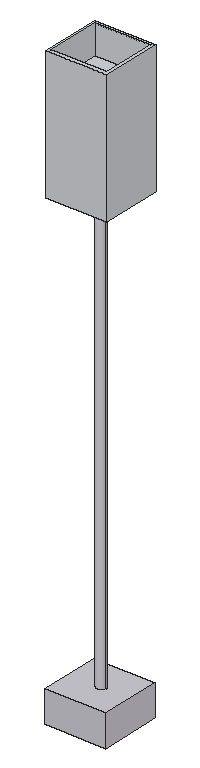
Revit family "Lighting-Pendant-Lucifer-Squilinder-SP2", category Lighting Fixtures, host Face, Revit 2016
Family settings
  Host = Face
  Part Type = Normal
  Round Connector Dimension = Use Diameter
  Cut with Voids When Loaded = No
  Light Source = Yes
  Shared = No
  Room Calculation Point = No
Parameters
  Voltage = 0 V
  Suspension Length = 24.00"
  Power Factor = 1
  Photometric Web File = "Load File"
  Number of Poles = 1
  Material = White Finish
  Lamp = "LED"
  Input Wattage = ""
  Wattage = 26 W
  built-in parameter 1150110 = 1 (stored number, unit not read)
  URL = "https://www.luciferlighting.com/"
  built-in parameter 1114217 = 1 (stored number, unit not read)
  Tilt Angle = 90.00°
  built-in parameter 1150109 = 1 (stored number, unit not read)
  built-in parameter 1150134 = 12
  built-in parameter 1150113 = 1 (stored number, unit not read)
  Model = "SP2"
  Manufacturer = "Lucifer"
  built-in parameter 1150105 = 206.9 (stored number, unit not read)
  Lumens = 2600 lm
  built-in parameter 1150115 = 1 (stored number, unit not read)
  built-in parameter 1150137 = (empty or 0)
  built-in parameter 1150139 = (empty or 0)
  built-in parameter 1150112 = 1 (stored number, unit not read)
  built-in parameter 1150114 = 1 (stored number, unit not read)
  Keynote = ""
  built-in parameter 1150132 = (empty or 0)
  built-in parameter 1150102 = (empty or 0)
  built-in parameter 1150107 = 4000 (stored number, unit not read)
  built-in parameter 1150138 = (empty or 0)
  built-in parameter 1150106 = 2.069 (stored number, unit not read)
  Emit from Rectangle Width = 3.00"
  Emit from Rectangle Length = 3.00"
  Emit Shape Visible in Rendering = yes
  built-in parameter 1150104 = 9.2903 (stored number, unit not read)
  Dimming Lamp Color Temperature Shift = (empty or 0)
  Description = "Suspended Pendant"
  Default Elevation = 48.00"
  Color Filter = 16777215
  built-in parameter 1114218 = 1 (stored number, unit not read)
  built-in parameter 1150133 = 10 (stored number, unit not read)
  Assembly Code = ""
  Apparent Load = 0 VA
Reference planes (in)
  plane 1 "Center (Front/Back)": y = 2.00323
  plane 2: z = 0
  plane 3 "Center (Left/Right)": x = 2.916
  plane 4: z = 24
  plane 5: z = 1.6
  plane 6: x = 1.30312
  plane 7: x = 4.43312
Forms (in)
  Extrusion 1, solid, material "White Finish"
    sketch origin (0.00202, -0.06252, 0) x (1, 0, 0) y (0, 1, 0)
      loop
        circle (2.88664, 2.49233) r 0.25
    from 0 to 24
  Extrusion 2, solid, material "White Finish"
    sketch origin (2.916, 0, 0) x (0, -1, 0) y (0, 0, 1)
      loop
        line (-3.95236, 1.6) -> (-3.95236, 0) -> (-0.82223, 0) -> (-0.82223, 1.6) -> (-3.95236, 1.6)
    from -1.51712 to 1.61288
Dimensions and locks (in)
  "Suspension Length": plane 4 to level
  locked: imposter light to plane 4 at 5.2151
  level to Extrusion 2 = 1.60"
  aligned and locked: plane 2 to host face
  aligned and locked: level to host face
  aligned: plane 1 "Center (Front/Back)" to imposter light
  aligned and locked: nested 1 to plane 4
  aligned and locked: plane 4 to Extrusion 1
  aligned and locked: Extrusion 1 to level
Automatic sketch dimensions
  host sketch curve to host sketch curve = 12.00498"
  host sketch curve to host sketch curve = 12.39607"
  plane 3 "Center (Left/Right)" to Extrusion 1 sketch curve = 0.02734"
  plane 1 "Center (Front/Back)" to Extrusion 1 sketch curve = 0.42658"
  Extrusion 2 sketch curve to level = 0.00"
  Extrusion 2 sketch curve to plane 5 = 0.00"
  plane 1 "Center (Front/Back)" to Extrusion 2 sketch curve = 1.94913"
  Extrusion 2 sketch curve to plane 1 "Center (Front/Back)" = 1.18101"
  radius of Extrusion 1 sketch curve = 0.25"
Nested families (in)
  nested 1: "Track Head" at (2.916, 1.92486, 27.35) x (0, 0, 1) z (0, -1, 0), type "Track Head"
Connectors (in)
  electrical at (2.86812, 2.38729, 0), driven by "Number of Poles", driven by "Voltage", driven by "Apparent Load", driven by "Power Factor"
    settings: on Extrusion 2, index 1, voltage 0 V, apparent load 0 VA, apparent load phase1 0 VA, apparent load phase2 0 VA, apparent load phase3 0 VA, power factor 1, load classification "Other", number of poles 1, system type 31, power factor state 1, is connector primary yes, connector utility no, sub classification motor no, connector description ""
Definition of nested family "Track Head"
  Parameters (values of type "Track Head")
    Width = 3.13"
    Length = 4.80078"
    Material = none
    Height = 6.70"
    Default Elevation = 48.00"
    Assembly Code = ""
  Reference planes (in)
    plane 1 "Center (Front/Back)": y = 0
    plane 2: z = 0
    plane 3 "Center (Left/Right)": x = 0
    plane 4: z = 6.7
    plane 5: y = 1.565
    plane 6: y = -1.565
    plane 7: x = -1.565
    plane 8: x = 1.565
  Forms (in)
    Extrusion 1, solid
      sketch origin (0, 0, 0) x (1, 0, 0) y (0, 1, 0)
        loop
          line (-48, 48) -> (-48, -48) -> (48, -48) -> (48, 48) -> (-48, 48)
      from 0 to -0.80444
    Extrusion 2, solid, material <- "Material"
      sketch origin (-3.35, 0, -0.4625) x (0, 0, -1) y (0, 1, 0)
        loop
          line (-1.565, 1.565) -> (-1.565, -1.565) -> (1.565, -1.565) -> (1.565, 1.565) -> (-1.565, 1.565)
      from 0 to 6.7
    Extrusion 3, void
      sketch origin (-3.35, 0, -0.4625) x (0, 0, -1) y (0, 1, 0)
        loop
          line (-1.415, 1.415) -> (-1.415, -1.415) -> (1.415, -1.415) -> (1.415, 1.415) -> (-1.415, 1.415)
      from 5.2151 to 6.7
  Cuts and joins
    Extrusion 3 cuts Extrusion 2
  Dimensions and locks (in)
    equal spacing: plane 5, plane 1 "Center (Front/Back)", plane 6
    "Width": plane 5 to plane 6
    "Height": plane 4 to Extrusion 1
    equal spacing: plane 7, plane 3 "Center (Left/Right)", plane 8
    "Width": plane 7 to plane 8
    aligned and locked: plane 2 to Extrusion 1
    aligned and locked: level to Extrusion 1
    aligned and locked: plane 5 to Extrusion 2
    aligned and locked: Extrusion 2 to plane 6
  Automatic sketch dimensions
    Extrusion 1 sketch curve to Extrusion 1 sketch curve = 96.00"  (x2)
    Extrusion 2 sketch curve to plane 6 = 0.00"
    Extrusion 2 sketch curve to plane 5 = 0.00"
    Extrusion 2 sketch curve to plane 4 = 5.5975"
    Extrusion 2 sketch curve to level = 2.0275"
    plane 6 to Extrusion 3 sketch curve = 0.15"
    Extrusion 3 sketch curve to plane 4 = 5.7475"
    Extrusion 3 sketch curve to level = 1.8775"
    Extrusion 3 sketch curve to plane 5 = 0.15"
